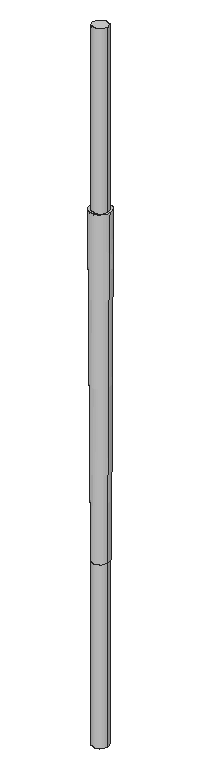
Revit family "MF_TAPER TIE 1 (41'')_1904416", category Generic Models, Revit 2018
Family settings
  Can host rebar = No
  Round Connector Dimension = Use Diameter
  Part Type = Normal
  OmniClass Number = 35.51.14.00
  OmniClass Title = FORMWORK
  Work Plane-Based = Yes
  Always vertical = No
  Cut with Voids When Loaded = No
  Shared = Yes
  Room Calculation Point = No
Parameters
  VERSION = "20190101"  # constant formula
  URL = "www.ulmaconstruction.com/en"
  UNICLASS = ""
  ITEM_CODE = "1904416"
  Manufacturer = "ULMA CONSTRUCTION"  # constant formula
  FILTER [instance] = ""
  Default Elevation = 0"
  CLASSIFICATION_TITLE = ""
  CLASSIFICATION_NUMBER = ""
Reference planes (in)
  plane 1 "Centro (Frontal/Posterior)": y = 0
  plane 2: z = 0
  plane 3 "Centro (Izquierda/Derecha)": x = 0
  plane 4 "LENGTH": z = -35.2126
  plane 5 "BASE": z = 5.7874
  plane 6 "ITEM_LENGTH": z = -35.2126
Forms (in)
  Blend 1, solid, material "ULMA ZINC", detail levels fine
    base sketch origin (0, 0, 0) x (1, 0, 0) y (0, 1, 0)
      loop
        circle (0, 0) r 0.62992
    top sketch origin (0, 0, 0) x (1, 0, 0) y (0, 1, 0)
      loop
        circle (0, 0) r 0.49961
    from -4.72441 to -24.70079
  Extrusion 2, solid, material "ULMA ZINC", detail levels fine
    sketch origin (0, 0, 0) x (1, 0, 0) y (0, 1, 0)
      loop
        circle (0, 0) r 0.45276
    from -4.72441 to 5.7874
  Extrusion 3, solid, material "ULMA ZINC", detail levels fine
    sketch origin (0, 0, -32.71088) x (1, 0, 0) y (0, 1, 0)
      loop
        circle (0, 0) r 0.45276
    from -2.50172 to 8.01009
  Extrusion 4, solid, material "ULMA ZINC", detail levels coarse+medium
    sketch origin (0, 0, 0) x (1, 0, 0) y (0, 1, 0)
      loop
        circle (0, 0) r 0.45276
    from 5.7874 to -35.2126
Dimensions and locks (in)
  locked: plane 5 "BASE" to plane 6 "ITEM_LENGTH" at 41
  aligned and locked: level to plane 2
  aligned and locked: Extrusion 2 to Blend 1
  aligned and locked: plane 5 "BASE" to Extrusion 2
  aligned and locked: plane 5 "BASE" to Extrusion 4
  aligned and locked: Extrusion 4 to Extrusion 3
  aligned and locked: Blend 1 to Extrusion 3
  aligned and locked: plane 6 "ITEM_LENGTH" to Extrusion 3
